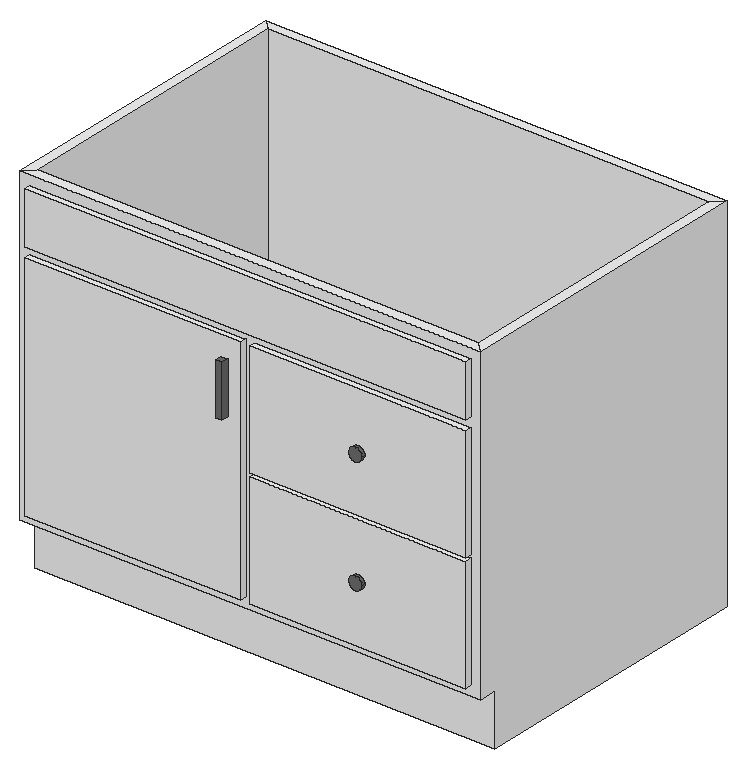
Revit family "M_Armário de banheiro-Porta simples com gaveta dupla", category Componentes de gabinete, Revit 2019
Family settings
  Número OmniClass = 23.40.35.17.47.14
  Título OmniClass = Bathroom Casework
  ID de item do Seek = Vanity Cabinet-Single Door Double Drawer-0000-CAN-ENU
  Com base no plano de trabalho = Não
  Sempre na vertical = Sim
  Corte com vazios quando carregada = Não
  Compartilhado = Não
  Ponto de cálculo do ambiente = Não
Parameters (values of type "900mm")
  Material do armário = none
  Linear = 600 mm
  Material da porta/gaveta = none
  Material do puxador = Armários - Puxadores
  Altura = 710 mm
  Profundidade da plataforma = 35 mm
  Altura do plinto = 100 mm
  Largura = 900 mm
Types (4, lengths in mm): name | Largura
  (no name) | 900
  900mm | 900
  1000mm | 1000
  1200mm | 1200
Reference planes
  plane 1 "Parte posterior": y = 0
  plane 2: z = 0
  plane 3 "Centro": x = 94.938
  plane 4 "Esquerda": x = -355.062
  plane 5 "Direita": x = 544.938
  plane 6 "Parte frontal": y = -600
  plane 7 "Superior": z = 710
  plane 8: y = -565
  plane 9: z = 100
  plane 10: z = 690.95
  plane 11: z = 119.05
  plane 12: x = -336.012
  plane 13: x = 525.888
  plane 14: z = 589.35
  plane 15: z = 570.3
  plane 16: z = 532.2
  plane 17: z = 430.6
  plane 18: x = 60.013
  plane 19: x = 47.313
  plane 20: x = 85.413
  plane 21: x = 104.463
  plane 22: x = 315.175
  plane 23: z = 457.488
  plane 24: z = 231.862
  plane 25: z = 344.675
  plane 26: z = 344.675
Forms (mm)
  Extrusion 1, solid, material "Armários"
    sketch origin (0, 0, 0) x (1, 0, 0) y (0, 1, 0)
      loop
        line (-355.062, 0) -> (-355.062, -565) -> (544.938, -565) -> (544.938, 0) -> (-355.062, 0)
    from 0 to 100
  Sweep 2, solid, material "Armários"
    path origin (0, 0, 0) x (1, 0, 0) y (0, 1, 0)
      loop
        line (544.938, 0) -> (-355.062, 0) -> (-355.062, -600) -> (544.938, -600) -> (544.938, 0)
    profile origin (0, -300, 0) x (1, 0, 0) y (0, 0, 1)
      loop
        line (544.938, 100) -> (544.938, 710) -> (525.888, 710) -> (525.888, 100) -> (544.938, 100)
  Extrusion 3, solid, material "Armários"
    sketch origin (0, 0, 0) x (1, 0, 0) y (0, 1, 0)
      loop
        line (-336.012, -19.05) -> (-336.012, -580.95) -> (525.888, -580.95) -> (525.888, -19.05) -> (-336.012, -19.05)
    from 119.05 to 100
  Extrusion 4, solid, material "Armários - Puxadores" <- "Material do puxador"
    sketch origin (0, -600, 0) x (1, 0, 0) y (0, 0, 1)
      loop
        circle (315.175, 457.488) r 12.7
    from 12.7 to 19.05
  Extrusion 5, solid, material "Armários - Puxadores" <- "Material do puxador"
    sketch origin (0, -600, 0) x (1, 0, 0) y (0, 0, 1)
      loop
        circle (315.175, 231.862) r 12.7
    from 12.7 to 19.05
  Extrusion 6, solid, material <- "Material da porta/gaveta"
    sketch origin (0, -600, 0) x (1, 0, 0) y (0, 0, 1)
      loop
        line (-336.012, 690.95) -> (-336.012, 589.35) -> (525.888, 589.35) -> (525.888, 690.95) -> (-336.012, 690.95)
      loop
        line (-336.012, 570.3) -> (-336.012, 119.05) -> (85.413, 119.05) -> (85.413, 570.3) -> (-336.012, 570.3)
      loop
        line (525.888, 570.3) -> (104.463, 570.3) -> (104.463, 347.85) -> (525.888, 347.85) -> (525.888, 570.3)
      loop
        line (525.888, 119.05) -> (525.888, 341.5) -> (104.463, 341.5) -> (104.463, 119.05) -> (525.888, 119.05)
    from 0 to 12.7
  Extrusion 7, solid, material "Armários - Puxadores" <- "Material do puxador"
    sketch origin (0, -600, 0) x (1, 0, 0) y (0, 0, 1)
      loop
        line (60.013, 430.6) -> (60.013, 532.2) -> (47.313, 532.2) -> (47.313, 430.6) -> (60.013, 430.6)
    from 12.7 to 25.4
Cuts and joins
  joined: Extrusion 1, Sweep 2
Lines and regions (mm)
  Masking region 1
    outline origin (0, 0, 710) x (0, -1, 0) y (1, 0, 0)
      loop
        line (0, -355.062) -> (600, -355.062) -> (600, 544.938) -> (0, 544.938) -> (0, -355.062)
  model lines
    curve 1: line (525.888, -600, 589.35) -> (-336.012, -600, 589.35)
    curve 2: line (525.888, -600, 690.95) -> (525.888, -600, 589.35)
    curve 3: line (-336.012, -600, 690.95) -> (525.888, -600, 690.95)
    curve 4: line (-336.012, -600, 589.35) -> (-336.012, -600, 690.95)
    curve 5: line (-336.012, -600, 570.3) -> (85.413, -600, 570.3)
    curve 6: line (-336.012, -600, 119.05) -> (-336.012, -600, 570.3)
    curve 7: line (47.313, -600, 532.2) -> (60.013, -600, 532.2)
    curve 8: line (47.313, -600, 430.6) -> (47.313, -600, 532.2)
    curve 9: line (60.013, -600, 430.6) -> (47.313, -600, 430.6)
    curve 10: line (60.013, -600, 532.2) -> (60.013, -600, 430.6)
    curve 11: line (85.413, -600, 119.05) -> (85.413, -600, 570.3)
    curve 12: line (85.413, -600, 119.05) -> (-336.012, -600, 119.05)
  model lines, style "Casework"
    curve 13: line (104.463, -600, 119.05) -> (525.888, -600, 119.05)
    curve 14: line (104.463, -600, 570.3) -> (104.463, -600, 119.05)
    curve 15: line (525.888, -600, 570.3) -> (104.463, -600, 570.3)
    curve 16: line (525.888, -600, 119.05) -> (525.888, -600, 570.3)
    curve 19: line (525.888, -600, 344.675) -> (104.463, -600, 344.675)
  model lines, style "Giro da elevação"
    curve 17: arc (302.475, -600, 231.862) -> (315.175, -600, 219.162) -> (327.875, -600, 231.862) r 12.7
    curve 18: arc (327.875, -600, 231.862) -> (315.175, -600, 244.562) -> (302.475, -600, 231.862) r 12.7
  symbolic lines, style "Giro da elevação"
    curve 20: line (85.413, 0, 570.3) -> (-336.012, 0, 344.675)
    curve 21: line (-336.012, 0, 344.675) -> (85.413, 0, 119.05)
Dimensions and locks
  "Linear": plane 6 "Parte frontal" to plane 1 "Parte posterior"
  "Largura": plane 4 "Esquerda" to plane 5 "Direita"
  equal spacing: plane 4 "Esquerda", plane 3 "Centro", plane 5 "Direita"
  "Altura": level to plane 7 "Superior"
  "Altura do plinto": plane 2 to plane 9
  "Profundidade da plataforma": plane 6 "Parte frontal" to plane 8
  locked: plane 4 "Esquerda" to plane 12 at 19.05
  locked: plane 13 to plane 5 "Direita" at 19.05
  locked: plane 7 "Superior" to plane 10 at 19.05
  locked: plane 11 to plane 9 at 19.05
  plane 10 to plane 14 to plane 15 = 101.6 mm locked, 19.05 mm locked
  plane 15 to plane 16 to plane 17 = 38.1 mm locked, 101.6 mm locked
  plane 21 to plane 3 "Centro" to plane 20 = 9.525 mm locked, 9.525 mm locked
  plane 20 to plane 18 to plane 19 = 25.4 mm locked, 12.7 mm locked
  equal spacing: plane 13, plane 22, plane 21
  locked: plane 2 to level at 0
  equal spacing: plane 14, plane 25, plane 9
  equal spacing: plane 25, plane 24, plane 11
  equal spacing: plane 15, plane 23, plane 25
  equal spacing: plane 15, plane 26, plane 11
  aligned and locked: plane 1 "Parte posterior" to Extrusion 1 sketch curve
  aligned and locked: Extrusion 1 sketch curve to plane 5 "Direita"
  aligned and locked: Extrusion 1 sketch curve to plane 8
  aligned and locked: plane 4 "Esquerda" to Extrusion 1 sketch curve
  aligned and locked: Extrusion 1 to level
  aligned and locked: Sweep 2 sketch curve to plane 6 "Parte frontal"
  aligned and locked: plane 1 "Parte posterior" to Sweep 2 sketch curve
  aligned and locked: Sweep 2 sketch curve to plane 5 "Direita"  (x2)
  aligned and locked: plane 4 "Esquerda" to Sweep 2 sketch curve
  aligned and locked: plane 7 "Superior" to Sweep 2 sketch curve
  aligned and locked: Sweep 2 sketch curve to plane 9
  aligned and locked: Sweep 2 to Extrusion 3 sketch curve  (x2)
  aligned and locked: Extrusion 3 sketch curve to Sweep 2  (x2)
  aligned and locked: Extrusion 3 to plane 11
  aligned and locked: plane 9 to Extrusion 3
  aligned and locked: Extrusion 1 to plane 9
  aligned and locked: plane 21 to curve 13
  aligned and locked: plane 11 to curve 13
  aligned and locked: plane 15 to curve 16
  aligned and locked: curve 16 to Sweep 2
  aligned and locked: plane 25 to curve 19
  aligned and locked: plane 1 "Parte posterior" to Masking region 1 sketch curve
  aligned and locked: Masking region 1 sketch curve to plane 6 "Parte frontal"
  aligned and locked: Masking region 1 sketch curve to plane 5 "Direita"
  aligned and locked: plane 4 "Esquerda" to Masking region 1 sketch curve
Automatic sketch dimensions
  profile plane to Sweep 2 sketch curve = 19.05 mm
  Extrusion 4 sketch curve to plane 23 = 0 mm
  Extrusion 4 sketch curve to plane 22 = 0 mm
  Extrusion 4 sketch curve to Extrusion 4 sketch curve = 12.7 mm
  Extrusion 5 sketch curve to plane 24 = 0 mm
  Extrusion 5 sketch curve to plane 22 = 0 mm
  Extrusion 5 sketch curve to Extrusion 5 sketch curve = 12.7 mm
  Extrusion 6 sketch curve to plane 10 = 0 mm
  Extrusion 6 sketch curve to plane 12 = 0 mm  (x2)
  Extrusion 6 sketch curve to plane 11 = 0 mm  (x2)
  Extrusion 6 sketch curve to plane 20 = 0 mm
  Extrusion 6 sketch curve to plane 21 = 0 mm  (x2)
  Extrusion 6 sketch curve to plane 13 = 0 mm  (x3)
  Extrusion 6 sketch curve to plane 15 = 0 mm  (x2)
  Extrusion 6 sketch curve to plane 14 = 0 mm
  Extrusion 6 sketch curve to plane 25 = 3.175 mm
  plane 25 to Extrusion 6 sketch curve = 3.175 mm
  Extrusion 7 sketch curve to plane 17 = 0 mm
  Extrusion 7 sketch curve to plane 19 = 0 mm
  Extrusion 7 sketch curve to plane 16 = 0 mm
  Extrusion 7 sketch curve to plane 18 = 0 mm
  curve 1 to plane 13 = 0 mm
  curve 18 to plane 24 = 0 mm
  curve 17 to plane 22 = 0 mm
  curve 11 to plane 15 = 0 mm
  curve 11 to plane 20 = 0 mm
  curve 20 to plane 15 = 0 mm
  curve 20 to plane 20 = 0 mm
  curve 21 to plane 11 = 0 mm
  curve 21 to plane 20 = 0 mm
  curve 10 to plane 16 = 0 mm
  curve 10 to plane 18 = 0 mm
  curve 8 to plane 17 = 0 mm
  curve 8 to plane 19 = 0 mm
  curve 5 to plane 12 = 0 mm
  curve 4 to plane 10 = 0 mm
  curve 4 to plane 12 = 0 mm
  curve 20 to plane 12 = 0 mm
  curve 1 to plane 14 = 0 mm
  curve 21 to plane 25 = 0 mm
  curve 6 to plane 11 = 0 mm
  curve 18 to plane 22 = 12.7 mm
